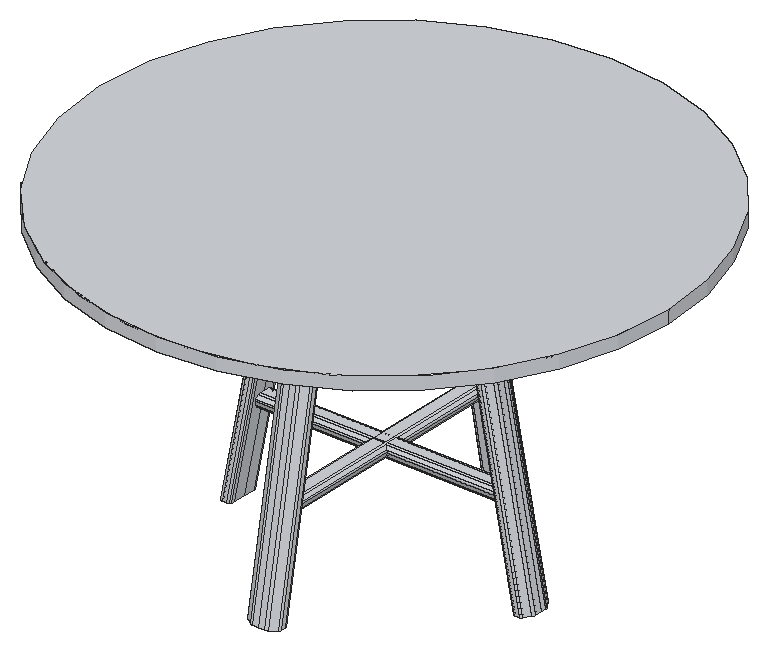
Revit family "Bernhardt_Design-Tables-Freestanding-Round-Blueprint", category Furniture, Revit 2016
Family settings
  OmniClass Number = 23.40.20.00
  OmniClass Title = General Furniture and Specialties
  Work Plane-Based = No
  Always vertical = Yes
  Cut with Voids When Loaded = No
  Shared = No
  Room Calculation Point = No
Parameters (values of type "BPS-XDD-AA000")
  Wood = none
  URL = "http://www.bernhardtdesign.com"
  TableTopHeight = TotalHeight - 0' 1 1/4"  # 2' - 4 3/4"
  TotalHeight = 2' - 6"
  TableTop = none
  Support_small = yes
  Support_large = no
  SKU = "BPS-XDD-AA000"
  RoundRadius = 2' - 3"
  PlateRadius = 0' - 11.81206"
  Model = "Blueprint"  # constant formula
  Manufacturer = "Bernhardt Design"  # constant formula
  Legs_small = yes
  Legs_large = no
  Crossbar_bottom = -Crossbar_top  # -1' - 0 1/16"
  Crossbar_top = 1' - 0 1/16"
  Copyright © = "Copyright © Bernhardt Design"  # constant formula
  Catalog = SKU  # "BPS-XDD-AA000"
  BlackPaint = Black Paint
  Authoring Version = "Autodesk Revit 2016"  # constant formula
Types (3): name | Support_small | Support_large | SKU | RoundRadius | PlateRadius | Legs_small | Legs_large | Crossbar_bottom | Crossbar_top | Catalog
  (no name) | yes | no | "BPS-XDD-AA000" | 2' - 3" | 0' - 11.81206" | yes | no | -1' - 0 1/16" | 1' - 0 1/16" | "BPS-XDD-AA000"
  BPS-XDD-AA000 | yes | no | "BPS-XDD-AA000" | 2' - 3" | 0' - 11.81206" | yes | no | -1' - 0 1/16" | 1' - 0 1/16" | "BPS-XDD-AA000"
  BPS-XEE-AA000 | no | yes | "BPS-XEE-AA000" | 2' - 6" | 1' - 7 3/4" | no | yes | -1' - 5" | 1' - 5" | "BPS-XEE-AA000"
Reference planes (in)
  plane 1 "Center Front/Back": y = 0
  plane 2: z = 0
  plane 3 "Center Left/Right": x = 0
  plane 4 "legTop_plane": z = 27.99185
  plane 5 "TableTop_plane": z = 30
  plane 6 "tableBottom_plane": z = 28.75
  plane 7 "supportBottom_plane": z = 25.47244
  plane 8 "crossTop_plane": z = 9.64539
  plane 9 "crossBottom_plane": z = 8.38555
  plane 10 "Crossbar_top_plane": y = 12.06057
  plane 11: y = -12.16143
Forms (in)
  Blend 1, solid, material <- "Wood", visible <- "Legs_small"
    base sketch origin (0, 0, 0) x (1, 0, 0) y (0, 1, 0)
      loop
        line (-14.8392, 0.57397) -> (-14.8392, 0) -> (-14.8392, -0.57397)
        arc (-14.8392, -0.57397) -> (-14.81086, -0.73468) -> (-14.72927, -0.87601) r 0.46988
        line (-14.72927, -0.87601) -> (-14.30257, -1.46331)
        arc (-14.30257, -1.46331) -> (-14.20943, -1.55016) -> (-14.09055, -1.59579) r 0.33368
        line (-14.09055, -1.59579) -> (-13.68282, -1.59579)
        arc (-13.68282, -1.59579) -> (-13.59285, -1.57584) -> (-13.51973, -1.51974) r 0.2129
        line (-13.51973, -1.51974) -> (-13.35989, -1.3599)
        arc (-13.35989, -1.3599) -> (-13.32388, -1.30338) -> (-13.31513, -1.23692) r 0.15483
        line (-13.31513, -1.23692) -> (-13.31513, 0) -> (-13.31513, 1.23692)
        arc (-13.31513, 1.23692) -> (-13.32388, 1.30338) -> (-13.35989, 1.3599) r 0.15483
        line (-13.35989, 1.3599) -> (-13.51973, 1.51974)
        arc (-13.51973, 1.51974) -> (-13.59285, 1.57584) -> (-13.68282, 1.59579) r 0.2129
        line (-13.68282, 1.59579) -> (-14.09055, 1.59579)
        arc (-14.09055, 1.59579) -> (-14.20943, 1.55016) -> (-14.30257, 1.46331) r 0.33368
        line (-14.30257, 1.46331) -> (-14.72927, 0.87601)
        arc (-14.72927, 0.87601) -> (-14.81086, 0.73468) -> (-14.8392, 0.57397) r 0.46988
    top sketch origin (0, 0, 0) x (1, 0, 0) y (0, 1, 0)
      loop
        line (-9.39808, 0.57397) -> (-9.39808, 0) -> (-9.39808, -0.57397)
        arc (-9.39808, -0.57397) -> (-9.36974, -0.73468) -> (-9.28815, -0.87601) r 0.46988
        line (-9.28815, -0.87601) -> (-8.86145, -1.46331)
        arc (-8.86145, -1.46331) -> (-8.76832, -1.55016) -> (-8.64943, -1.59579) r 0.33368
        line (-8.64943, -1.59579) -> (-8.2417, -1.59579)
        arc (-8.2417, -1.59579) -> (-8.15173, -1.57584) -> (-8.07862, -1.51974) r 0.2129
        line (-8.07862, -1.51974) -> (-7.91878, -1.3599)
        arc (-7.91878, -1.3599) -> (-7.88276, -1.30338) -> (-7.87402, -1.23692) r 0.15483
        line (-7.87402, -1.23692) -> (-7.87402, 0) -> (-7.87402, 1.23692)
        arc (-7.87402, 1.23692) -> (-7.88276, 1.30338) -> (-7.91878, 1.3599) r 0.15483
        line (-7.91878, 1.3599) -> (-8.07862, 1.51974)
        arc (-8.07862, 1.51974) -> (-8.15173, 1.57584) -> (-8.2417, 1.59579) r 0.2129
        line (-8.2417, 1.59579) -> (-8.64943, 1.59579)
        arc (-8.64943, 1.59579) -> (-8.76832, 1.55016) -> (-8.86145, 1.46331) r 0.33368
        line (-8.86145, 1.46331) -> (-9.28815, 0.87601)
        arc (-9.28815, 0.87601) -> (-9.36974, 0.73468) -> (-9.39808, 0.57397) r 0.46988
    from 0 to 27.99213
  Extrusion 2, solid, material <- "TableTop"
    sketch origin (0, 0, 0) x (1, 0, 0) y (0, 1, 0)
      loop
        circle (0, 0) r 27
    from 30 <- "TotalHeight" to 28.75 <- "TableTopHeight"
  Blend 3, solid, material <- "Wood", visible <- "Legs_small"
    base sketch origin (0.01587, -0.01587, 0) x (-1, 0, 0) y (0, -1, 0)
      loop
        arc (-14.8392, -0.57397) -> (-14.81086, -0.73468) -> (-14.72927, -0.87601) r 0.46988
        line (-14.72927, -0.87601) -> (-14.30257, -1.46331)
        arc (-14.30257, -1.46331) -> (-14.20943, -1.55016) -> (-14.09055, -1.59579) r 0.33368
        line (-14.09055, -1.59579) -> (-13.68282, -1.59579)
        arc (-13.68282, -1.59579) -> (-13.59285, -1.57584) -> (-13.51973, -1.51974) r 0.2129
        line (-13.51973, -1.51974) -> (-13.35989, -1.3599)
        arc (-13.35989, -1.3599) -> (-13.32388, -1.30338) -> (-13.31513, -1.23692) r 0.15483
        line (-13.31513, -1.23692) -> (-13.31513, 0) -> (-13.31513, 1.23692)
        arc (-13.31513, 1.23692) -> (-13.32388, 1.30338) -> (-13.35989, 1.3599) r 0.15483
        line (-13.35989, 1.3599) -> (-13.51973, 1.51974)
        arc (-13.51973, 1.51974) -> (-13.59285, 1.57584) -> (-13.68282, 1.59579) r 0.2129
        line (-13.68282, 1.59579) -> (-14.09055, 1.59579)
        arc (-14.09055, 1.59579) -> (-14.20943, 1.55016) -> (-14.30257, 1.46331) r 0.33368
        line (-14.30257, 1.46331) -> (-14.72927, 0.87601)
        arc (-14.72927, 0.87601) -> (-14.81086, 0.73468) -> (-14.8392, 0.57397) r 0.46988
        line (-14.8392, 0.57397) -> (-14.8392, 0) -> (-14.8392, -0.57397)
    top sketch origin (0.01587, -0.01587, 0) x (-1, 0, 0) y (0, -1, 0)
      loop
        arc (-9.39808, -0.57397) -> (-9.36974, -0.73468) -> (-9.28815, -0.87601) r 0.46988
        line (-9.28815, -0.87601) -> (-8.86145, -1.46331)
        arc (-8.86145, -1.46331) -> (-8.76832, -1.55016) -> (-8.64943, -1.59579) r 0.33368
        line (-8.64943, -1.59579) -> (-8.2417, -1.59579)
        arc (-8.2417, -1.59579) -> (-8.15173, -1.57584) -> (-8.07862, -1.51974) r 0.2129
        line (-8.07862, -1.51974) -> (-7.91878, -1.3599)
        arc (-7.91878, -1.3599) -> (-7.88276, -1.30338) -> (-7.87402, -1.23692) r 0.15483
        line (-7.87402, -1.23692) -> (-7.87402, 0) -> (-7.87402, 1.23692)
        arc (-7.87402, 1.23692) -> (-7.88276, 1.30338) -> (-7.91878, 1.3599) r 0.15483
        line (-7.91878, 1.3599) -> (-8.07862, 1.51974)
        arc (-8.07862, 1.51974) -> (-8.15173, 1.57584) -> (-8.2417, 1.59579) r 0.2129
        line (-8.2417, 1.59579) -> (-8.64943, 1.59579)
        arc (-8.64943, 1.59579) -> (-8.76832, 1.55016) -> (-8.86145, 1.46331) r 0.33368
        line (-8.86145, 1.46331) -> (-9.28815, 0.87601)
        arc (-9.28815, 0.87601) -> (-9.36974, 0.73468) -> (-9.39808, 0.57397) r 0.46988
        line (-9.39808, 0.57397) -> (-9.39808, 0) -> (-9.39808, -0.57397)
    from 0 to 27.99213
  Blend 4, solid, material <- "Wood", visible <- "Legs_small"
    base sketch origin (-0.00001, -0.01586, 0) x (0.001505, 0.999999, 0) y (-0.999999, 0.001505, 0)
      loop
        line (-14.8392, 0.57397) -> (-14.8392, 0) -> (-14.8392, -0.57397)
        arc (-14.8392, -0.57397) -> (-14.81086, -0.73468) -> (-14.72927, -0.87601) r 0.46988
        line (-14.72927, -0.87601) -> (-14.30257, -1.46331)
        arc (-14.30257, -1.46331) -> (-14.20943, -1.55016) -> (-14.09055, -1.59579) r 0.33368
        line (-14.09055, -1.59579) -> (-13.68282, -1.59579)
        arc (-13.68282, -1.59579) -> (-13.59285, -1.57584) -> (-13.51973, -1.51974) r 0.2129
        line (-13.51973, -1.51974) -> (-13.35989, -1.3599)
        arc (-13.35989, -1.3599) -> (-13.32388, -1.30338) -> (-13.31513, -1.23692) r 0.15483
        line (-13.31513, -1.23692) -> (-13.31513, 0) -> (-13.31513, 1.23692)
        arc (-13.31513, 1.23692) -> (-13.32388, 1.30338) -> (-13.35989, 1.3599) r 0.15483
        line (-13.35989, 1.3599) -> (-13.51973, 1.51974)
        arc (-13.51973, 1.51974) -> (-13.59285, 1.57584) -> (-13.68282, 1.59579) r 0.2129
        line (-13.68282, 1.59579) -> (-14.09055, 1.59579)
        arc (-14.09055, 1.59579) -> (-14.20943, 1.55016) -> (-14.30257, 1.46331) r 0.33368
        line (-14.30257, 1.46331) -> (-14.72927, 0.87601)
        arc (-14.72927, 0.87601) -> (-14.81086, 0.73468) -> (-14.8392, 0.57397) r 0.46988
    top sketch origin (-0.00001, -0.01586, 0) x (0.001505, 0.999999, 0) y (-0.999999, 0.001505, 0)
      loop
        line (-9.39808, 0.57397) -> (-9.39808, 0) -> (-9.39808, -0.57397)
        arc (-9.39808, -0.57397) -> (-9.36974, -0.73468) -> (-9.28815, -0.87601) r 0.46988
        line (-9.28815, -0.87601) -> (-8.86145, -1.46331)
        arc (-8.86145, -1.46331) -> (-8.76832, -1.55016) -> (-8.64943, -1.59579) r 0.33368
        line (-8.64943, -1.59579) -> (-8.2417, -1.59579)
        arc (-8.2417, -1.59579) -> (-8.15173, -1.57584) -> (-8.07862, -1.51974) r 0.2129
        line (-8.07862, -1.51974) -> (-7.91878, -1.3599)
        arc (-7.91878, -1.3599) -> (-7.88276, -1.30338) -> (-7.87402, -1.23692) r 0.15483
        line (-7.87402, -1.23692) -> (-7.87402, 0) -> (-7.87402, 1.23692)
        arc (-7.87402, 1.23692) -> (-7.88276, 1.30338) -> (-7.91878, 1.3599) r 0.15483
        line (-7.91878, 1.3599) -> (-8.07862, 1.51974)
        arc (-8.07862, 1.51974) -> (-8.15173, 1.57584) -> (-8.2417, 1.59579) r 0.2129
        line (-8.2417, 1.59579) -> (-8.64943, 1.59579)
        arc (-8.64943, 1.59579) -> (-8.76832, 1.55016) -> (-8.86145, 1.46331) r 0.33368
        line (-8.86145, 1.46331) -> (-9.28815, 0.87601)
        arc (-9.28815, 0.87601) -> (-9.36974, 0.73468) -> (-9.39808, 0.57397) r 0.46988
    from 0 to 27.99213
  Blend 5, solid, material <- "Wood", visible <- "Legs_small"
    base sketch origin (0.01588, -0.03701, 0) x (-0.001505, -0.999999, 0) y (0.999999, -0.001505, 0)
      loop
        arc (-14.8392, -0.57397) -> (-14.81086, -0.73468) -> (-14.72927, -0.87601) r 0.46988
        line (-14.72927, -0.87601) -> (-14.30257, -1.46331)
        arc (-14.30257, -1.46331) -> (-14.20943, -1.55016) -> (-14.09055, -1.59579) r 0.33368
        line (-14.09055, -1.59579) -> (-13.68282, -1.59579)
        arc (-13.68282, -1.59579) -> (-13.59285, -1.57584) -> (-13.51973, -1.51974) r 0.2129
        line (-13.51973, -1.51974) -> (-13.35989, -1.3599)
        arc (-13.35989, -1.3599) -> (-13.32388, -1.30338) -> (-13.31513, -1.23692) r 0.15483
        line (-13.31513, -1.23692) -> (-13.31513, 0) -> (-13.31513, 1.23692)
        arc (-13.31513, 1.23692) -> (-13.32388, 1.30338) -> (-13.35989, 1.3599) r 0.15483
        line (-13.35989, 1.3599) -> (-13.51973, 1.51974)
        arc (-13.51973, 1.51974) -> (-13.59285, 1.57584) -> (-13.68282, 1.59579) r 0.2129
        line (-13.68282, 1.59579) -> (-14.09055, 1.59579)
        arc (-14.09055, 1.59579) -> (-14.20943, 1.55016) -> (-14.30257, 1.46331) r 0.33368
        line (-14.30257, 1.46331) -> (-14.72927, 0.87601)
        arc (-14.72927, 0.87601) -> (-14.81086, 0.73468) -> (-14.8392, 0.57397) r 0.46988
        line (-14.8392, 0.57397) -> (-14.8392, 0) -> (-14.8392, -0.57397)
    top sketch origin (0.01588, -0.03701, 0) x (-0.001505, -0.999999, 0) y (0.999999, -0.001505, 0)
      loop
        arc (-9.39808, -0.57397) -> (-9.36974, -0.73468) -> (-9.28815, -0.87601) r 0.46988
        line (-9.28815, -0.87601) -> (-8.86145, -1.46331)
        arc (-8.86145, -1.46331) -> (-8.76832, -1.55016) -> (-8.64943, -1.59579) r 0.33368
        line (-8.64943, -1.59579) -> (-8.2417, -1.59579)
        arc (-8.2417, -1.59579) -> (-8.15173, -1.57584) -> (-8.07862, -1.51974) r 0.2129
        line (-8.07862, -1.51974) -> (-7.91878, -1.3599)
        arc (-7.91878, -1.3599) -> (-7.88276, -1.30338) -> (-7.87402, -1.23692) r 0.15483
        line (-7.87402, -1.23692) -> (-7.87402, 0) -> (-7.87402, 1.23692)
        arc (-7.87402, 1.23692) -> (-7.88276, 1.30338) -> (-7.91878, 1.3599) r 0.15483
        line (-7.91878, 1.3599) -> (-8.07862, 1.51974)
        arc (-8.07862, 1.51974) -> (-8.15173, 1.57584) -> (-8.2417, 1.59579) r 0.2129
        line (-8.2417, 1.59579) -> (-8.64943, 1.59579)
        arc (-8.64943, 1.59579) -> (-8.76832, 1.55016) -> (-8.86145, 1.46331) r 0.33368
        line (-8.86145, 1.46331) -> (-9.28815, 0.87601)
        arc (-9.28815, 0.87601) -> (-9.36974, 0.73468) -> (-9.39808, 0.57397) r 0.46988
        line (-9.39808, 0.57397) -> (-9.39808, 0) -> (-9.39808, -0.57397)
    from 0 to 27.99213
  Extrusion 6, solid
    sketch origin (0, 0, 0) x (1, 0, 0) y (0, 0, 1)
      loop
        line (0.54195, 9.64567) -> (-0.54195, 9.64567)
        arc (-0.54195, 9.64567) -> (-0.63281, 9.62718) -> (-0.70923, 9.57466) r 0.23254
        line (-0.70923, 9.57466) -> (-0.95327, 9.29392)
        arc (-0.95327, 9.29392) -> (-0.99731, 9.20363) -> (-0.9903, 9.10342) r 0.19407
        line (-0.9903, 9.10342) -> (-0.68418, 8.51535)
        arc (-0.68418, 8.51535) -> (-0.58683, 8.41543) -> (-0.45051, 8.38583) r 0.24202
        line (-0.45051, 8.38583) -> (0.45051, 8.38583)
        arc (0.45051, 8.38583) -> (0.58683, 8.41543) -> (0.68418, 8.51535) r 0.24202
        line (0.68418, 8.51535) -> (0.9903, 9.10342)
        arc (0.9903, 9.10342) -> (0.99731, 9.20363) -> (0.95327, 9.29392) r 0.19407
        line (0.95327, 9.29392) -> (0.70923, 9.57466)
        arc (0.70923, 9.57466) -> (0.63281, 9.62718) -> (0.54195, 9.64567) r 0.23254
    from -12.0625 <- "Crossbar_bottom" to 12.0625 <- "Crossbar_top"
  Extrusion 7, solid
    sketch origin (0, 0, 0) x (0, -1, 0) y (0, 0, 1)
      loop
        line (0.54195, 9.64567) -> (-0.54195, 9.64567)
        arc (-0.54195, 9.64567) -> (-0.63281, 9.62718) -> (-0.70923, 9.57466) r 0.23254
        line (-0.70923, 9.57466) -> (-0.95327, 9.29392)
        arc (-0.95327, 9.29392) -> (-0.99731, 9.20363) -> (-0.9903, 9.10342) r 0.19407
        line (-0.9903, 9.10342) -> (-0.68418, 8.51535)
        arc (-0.68418, 8.51535) -> (-0.58683, 8.41543) -> (-0.45051, 8.38583) r 0.24202
        line (-0.45051, 8.38583) -> (0.45051, 8.38583)
        arc (0.45051, 8.38583) -> (0.58683, 8.41543) -> (0.68418, 8.51535) r 0.24202
        line (0.68418, 8.51535) -> (0.9903, 9.10342)
        arc (0.9903, 9.10342) -> (0.99731, 9.20363) -> (0.95327, 9.29392) r 0.19407
        line (0.95327, 9.29392) -> (0.70923, 9.57466)
        arc (0.70923, 9.57466) -> (0.63281, 9.62718) -> (0.54195, 9.64567) r 0.23254
    from -12.0625 <- "Crossbar_bottom" to 12.0625 <- "Crossbar_top"
  Extrusion 8, solid, material "Black Paint" <- "BlackPaint"
    sketch origin (0, 0, 27.99185) x (0, -1, 0) y (1, 0, 0)
      loop
        circle (0, 0) r 11.81206
    from 0 to 0.75815
  Extrusion 9, solid, material <- "Wood", visible <- "Support_small"
    sketch origin (0, 0, 25.47244) x (0, -1, 0) y (1, 0, 0)
      loop
        line (0.05281, 9.37706) -> (-9.36116, -0.03692) -> (0, -9.39808) -> (9.41397, 0.01589) -> (0.05281, 9.37706)
    from 0 to 2.51969
  Extrusion 10, solid, material <- "Wood", visible <- "Support_large"
    sketch origin (0.058, -0.058, 25.47244) x (0, -1, 0) y (1, 0, 0)
      loop
        line (-0.07728, 13.94238) -> (-14.02016, -0.0005) -> (-0.00519, -14.01547) -> (13.93769, -0.07259) -> (-0.07728, 13.94238)
    from 0 to 2.51969
  Blend 11, solid, material <- "Wood", visible <- "Legs_large"
    base sketch origin (0, 0, 0) x (1, 0, 0) y (0, 1, 0)
      loop
        line (-18.50897, -1.49665) -> (-18.50897, 1.46921)
        arc (-18.50897, 1.46921) -> (-18.52216, 1.54404) -> (-18.56016, 1.60985) r 0.21879
        line (-18.56016, 1.60985) -> (-18.71276, 1.76245)
        arc (-18.71276, 1.76245) -> (-18.79168, 1.81771) -> (-18.88474, 1.84264) r 0.27741
        line (-18.88474, 1.84264) -> (-19.27141, 1.84264)
        arc (-19.27141, 1.84264) -> (-19.37527, 1.81962) -> (-19.45966, 1.75486) r 0.24575
        line (-19.45966, 1.75486) -> (-19.92983, 1.13093)
        arc (-19.92983, 1.13093) -> (-20.01211, 0.97286) -> (-20.03845, 0.79662) r 0.53986
        line (-20.03845, 0.79662) -> (-20.03845, -0.82405)
        arc (-20.03845, -0.82405) -> (-20.01211, -1.0003) -> (-19.92983, -1.15837) r 0.53986
        line (-19.92983, -1.15837) -> (-19.45966, -1.7823)
        arc (-19.45966, -1.7823) -> (-19.37527, -1.84706) -> (-19.27141, -1.87008) r 0.24575
        line (-19.27141, -1.87008) -> (-18.88474, -1.87008)
        arc (-18.88474, -1.87008) -> (-18.79168, -1.84515) -> (-18.71276, -1.78988) r 0.27741
        line (-18.71276, -1.78988) -> (-18.56016, -1.63728)
        arc (-18.56016, -1.63728) -> (-18.52216, -1.57148) -> (-18.50897, -1.49665) r 0.21879
    top sketch origin (0, 0, 0) x (1, 0, 0) y (0, 1, 0)
      loop
        line (-12.55906, -1.49665) -> (-12.55906, 1.46921)
        arc (-12.55906, 1.46921) -> (-12.57225, 1.54404) -> (-12.61024, 1.60985) r 0.21879
        line (-12.61024, 1.60985) -> (-12.76284, 1.76245)
        arc (-12.76284, 1.76245) -> (-12.84177, 1.81771) -> (-12.93483, 1.84264) r 0.27741
        line (-12.93483, 1.84264) -> (-13.3215, 1.84264)
        arc (-13.3215, 1.84264) -> (-13.42535, 1.81962) -> (-13.50975, 1.75486) r 0.24575
        line (-13.50975, 1.75486) -> (-13.97991, 1.13093)
        arc (-13.97991, 1.13093) -> (-14.0622, 0.97286) -> (-14.08854, 0.79662) r 0.53986
        line (-14.08854, 0.79662) -> (-14.08854, -0.82405)
        arc (-14.08854, -0.82405) -> (-14.0622, -1.0003) -> (-13.97991, -1.15837) r 0.53986
        line (-13.97991, -1.15837) -> (-13.50975, -1.7823)
        arc (-13.50975, -1.7823) -> (-13.42535, -1.84706) -> (-13.3215, -1.87008) r 0.24575
        line (-13.3215, -1.87008) -> (-12.93483, -1.87008)
        arc (-12.93483, -1.87008) -> (-12.84177, -1.84515) -> (-12.76284, -1.78988) r 0.27741
        line (-12.76284, -1.78988) -> (-12.61024, -1.63728)
        arc (-12.61024, -1.63728) -> (-12.57225, -1.57148) -> (-12.55906, -1.49665) r 0.21879
    from 0 to 27.99219
  Blend 12, solid, material <- "Wood", visible <- "Legs_large"
    base sketch origin (0, 0, 0) x (-1, 0, 0) y (0, -1, 0)
      loop
        arc (-18.50897, 1.49665) -> (-18.52216, 1.57148) -> (-18.56016, 1.63728) r 0.21879
        line (-18.56016, 1.63728) -> (-18.71276, 1.78988)
        arc (-18.71276, 1.78988) -> (-18.79168, 1.84515) -> (-18.88474, 1.87008) r 0.27741
        line (-18.88474, 1.87008) -> (-19.27141, 1.87008)
        arc (-19.27141, 1.87008) -> (-19.37527, 1.84706) -> (-19.45966, 1.7823) r 0.24575
        line (-19.45966, 1.7823) -> (-19.92983, 1.15837)
        arc (-19.92983, 1.15837) -> (-20.01211, 1.0003) -> (-20.03845, 0.82405) r 0.53986
        line (-20.03845, 0.82405) -> (-20.03845, -0.79662)
        arc (-20.03845, -0.79662) -> (-20.01211, -0.97286) -> (-19.92983, -1.13093) r 0.53986
        line (-19.92983, -1.13093) -> (-19.45966, -1.75486)
        arc (-19.45966, -1.75486) -> (-19.37527, -1.81962) -> (-19.27141, -1.84264) r 0.24575
        line (-19.27141, -1.84264) -> (-18.88474, -1.84264)
        arc (-18.88474, -1.84264) -> (-18.79168, -1.81771) -> (-18.71276, -1.76245) r 0.27741
        line (-18.71276, -1.76245) -> (-18.56016, -1.60985)
        arc (-18.56016, -1.60985) -> (-18.52216, -1.54404) -> (-18.50897, -1.46921) r 0.21879
        line (-18.50897, -1.46921) -> (-18.50897, 1.49665)
    top sketch origin (0, 0, 0) x (-1, 0, 0) y (0, -1, 0)
      loop
        arc (-12.55906, 1.49665) -> (-12.57225, 1.57148) -> (-12.61024, 1.63728) r 0.21879
        line (-12.61024, 1.63728) -> (-12.76284, 1.78988)
        arc (-12.76284, 1.78988) -> (-12.84177, 1.84515) -> (-12.93483, 1.87008) r 0.27741
        line (-12.93483, 1.87008) -> (-13.3215, 1.87008)
        arc (-13.3215, 1.87008) -> (-13.42535, 1.84706) -> (-13.50975, 1.7823) r 0.24575
        line (-13.50975, 1.7823) -> (-13.97991, 1.15837)
        arc (-13.97991, 1.15837) -> (-14.0622, 1.0003) -> (-14.08854, 0.82405) r 0.53986
        line (-14.08854, 0.82405) -> (-14.08854, -0.79662)
        arc (-14.08854, -0.79662) -> (-14.0622, -0.97286) -> (-13.97991, -1.13093) r 0.53986
        line (-13.97991, -1.13093) -> (-13.50975, -1.75486)
        arc (-13.50975, -1.75486) -> (-13.42535, -1.81962) -> (-13.3215, -1.84264) r 0.24575
        line (-13.3215, -1.84264) -> (-12.93483, -1.84264)
        arc (-12.93483, -1.84264) -> (-12.84177, -1.81771) -> (-12.76284, -1.76245) r 0.27741
        line (-12.76284, -1.76245) -> (-12.61024, -1.60985)
        arc (-12.61024, -1.60985) -> (-12.57225, -1.54404) -> (-12.55906, -1.46921) r 0.21879
        line (-12.55906, -1.46921) -> (-12.55906, 1.49665)
    from 0 to 27.99219
  Blend 13, solid, material <- "Wood", visible <- "Legs_large"
    base sketch origin (-0.01372, -0.0137, 0) x (0.001235, 0.999999, 0) y (-0.999999, 0.001235, 0)
      loop
        line (-18.50897, -1.49665) -> (-18.50897, 1.46921)
        arc (-18.50897, 1.46921) -> (-18.52216, 1.54404) -> (-18.56016, 1.60985) r 0.21879
        line (-18.56016, 1.60985) -> (-18.71276, 1.76245)
        arc (-18.71276, 1.76245) -> (-18.79168, 1.81771) -> (-18.88474, 1.84264) r 0.27741
        line (-18.88474, 1.84264) -> (-19.27141, 1.84264)
        arc (-19.27141, 1.84264) -> (-19.37527, 1.81962) -> (-19.45966, 1.75486) r 0.24575
        line (-19.45966, 1.75486) -> (-19.92983, 1.13093)
        arc (-19.92983, 1.13093) -> (-20.01211, 0.97286) -> (-20.03845, 0.79662) r 0.53986
        line (-20.03845, 0.79662) -> (-20.03845, -0.82405)
        arc (-20.03845, -0.82405) -> (-20.01211, -1.0003) -> (-19.92983, -1.15837) r 0.53986
        line (-19.92983, -1.15837) -> (-19.45966, -1.7823)
        arc (-19.45966, -1.7823) -> (-19.37527, -1.84706) -> (-19.27141, -1.87008) r 0.24575
        line (-19.27141, -1.87008) -> (-18.88474, -1.87008)
        arc (-18.88474, -1.87008) -> (-18.79168, -1.84515) -> (-18.71276, -1.78988) r 0.27741
        line (-18.71276, -1.78988) -> (-18.56016, -1.63728)
        arc (-18.56016, -1.63728) -> (-18.52216, -1.57148) -> (-18.50897, -1.49665) r 0.21879
    top sketch origin (-0.01372, -0.0137, 0) x (0.001235, 0.999999, 0) y (-0.999999, 0.001235, 0)
      loop
        line (-12.55906, -1.49665) -> (-12.55906, 1.46921)
        arc (-12.55906, 1.46921) -> (-12.57225, 1.54404) -> (-12.61024, 1.60985) r 0.21879
        line (-12.61024, 1.60985) -> (-12.76284, 1.76245)
        arc (-12.76284, 1.76245) -> (-12.84177, 1.81771) -> (-12.93483, 1.84264) r 0.27741
        line (-12.93483, 1.84264) -> (-13.3215, 1.84264)
        arc (-13.3215, 1.84264) -> (-13.42535, 1.81962) -> (-13.50975, 1.75486) r 0.24575
        line (-13.50975, 1.75486) -> (-13.97991, 1.13093)
        arc (-13.97991, 1.13093) -> (-14.0622, 0.97286) -> (-14.08854, 0.79662) r 0.53986
        line (-14.08854, 0.79662) -> (-14.08854, -0.82405)
        arc (-14.08854, -0.82405) -> (-14.0622, -1.0003) -> (-13.97991, -1.15837) r 0.53986
        line (-13.97991, -1.15837) -> (-13.50975, -1.7823)
        arc (-13.50975, -1.7823) -> (-13.42535, -1.84706) -> (-13.3215, -1.87008) r 0.24575
        line (-13.3215, -1.87008) -> (-12.93483, -1.87008)
        arc (-12.93483, -1.87008) -> (-12.84177, -1.84515) -> (-12.76284, -1.78988) r 0.27741
        line (-12.76284, -1.78988) -> (-12.61024, -1.63728)
        arc (-12.61024, -1.63728) -> (-12.57225, -1.57148) -> (-12.55906, -1.49665) r 0.21879
    from 0 to 27.99219
  Blend 14, solid, material <- "Wood", visible <- "Legs_large"
    base sketch origin (-0.01372, -0.0137, 0) x (-0.001235, -0.999999, 0) y (0.999999, -0.001235, 0)
      loop
        arc (-18.50897, 1.49665) -> (-18.52216, 1.57148) -> (-18.56016, 1.63728) r 0.21879
        line (-18.56016, 1.63728) -> (-18.71276, 1.78988)
        arc (-18.71276, 1.78988) -> (-18.79168, 1.84515) -> (-18.88474, 1.87008) r 0.27741
        line (-18.88474, 1.87008) -> (-19.27141, 1.87008)
        arc (-19.27141, 1.87008) -> (-19.37527, 1.84706) -> (-19.45966, 1.7823) r 0.24575
        line (-19.45966, 1.7823) -> (-19.92983, 1.15837)
        arc (-19.92983, 1.15837) -> (-20.01211, 1.0003) -> (-20.03845, 0.82405) r 0.53986
        line (-20.03845, 0.82405) -> (-20.03845, -0.79662)
        arc (-20.03845, -0.79662) -> (-20.01211, -0.97286) -> (-19.92983, -1.13093) r 0.53986
        line (-19.92983, -1.13093) -> (-19.45966, -1.75486)
        arc (-19.45966, -1.75486) -> (-19.37527, -1.81962) -> (-19.27141, -1.84264) r 0.24575
        line (-19.27141, -1.84264) -> (-18.88474, -1.84264)
        arc (-18.88474, -1.84264) -> (-18.79168, -1.81771) -> (-18.71276, -1.76245) r 0.27741
        line (-18.71276, -1.76245) -> (-18.56016, -1.60985)
        arc (-18.56016, -1.60985) -> (-18.52216, -1.54404) -> (-18.50897, -1.46921) r 0.21879
        line (-18.50897, -1.46921) -> (-18.50897, 1.49665)
    top sketch origin (-0.01372, -0.0137, 0) x (-0.001235, -0.999999, 0) y (0.999999, -0.001235, 0)
      loop
        arc (-12.55906, 1.49665) -> (-12.57225, 1.57148) -> (-12.61024, 1.63728) r 0.21879
        line (-12.61024, 1.63728) -> (-12.76284, 1.78988)
        arc (-12.76284, 1.78988) -> (-12.84177, 1.84515) -> (-12.93483, 1.87008) r 0.27741
        line (-12.93483, 1.87008) -> (-13.3215, 1.87008)
        arc (-13.3215, 1.87008) -> (-13.42535, 1.84706) -> (-13.50975, 1.7823) r 0.24575
        line (-13.50975, 1.7823) -> (-13.97991, 1.15837)
        arc (-13.97991, 1.15837) -> (-14.0622, 1.0003) -> (-14.08854, 0.82405) r 0.53986
        line (-14.08854, 0.82405) -> (-14.08854, -0.79662)
        arc (-14.08854, -0.79662) -> (-14.0622, -0.97286) -> (-13.97991, -1.13093) r 0.53986
        line (-13.97991, -1.13093) -> (-13.50975, -1.75486)
        arc (-13.50975, -1.75486) -> (-13.42535, -1.81962) -> (-13.3215, -1.84264) r 0.24575
        line (-13.3215, -1.84264) -> (-12.93483, -1.84264)
        arc (-12.93483, -1.84264) -> (-12.84177, -1.81771) -> (-12.76284, -1.76245) r 0.27741
        line (-12.76284, -1.76245) -> (-12.61024, -1.60985)
        arc (-12.61024, -1.60985) -> (-12.57225, -1.54404) -> (-12.55906, -1.46921) r 0.21879
        line (-12.55906, -1.46921) -> (-12.55906, 1.49665)
    from 0 to 27.99219
Dimensions and locks (in)
  "TotalHeight": plane 5 "TableTop_plane" to level
  "RoundRadius": radius of Extrusion 2 sketch curve
  "PlateRadius": radius of Extrusion 8 sketch curve
  aligned and locked: level to plane 2
Automatic sketch dimensions
  plane 1 "Center Front/Back" to Blend 1 sketch curve = 0' - 0"  (x4)
  Blend 1 sketch curve to plane 1 "Center Front/Back" = 0' - 0.57397"  (x2)
  Blend 1 sketch curve to plane 3 "Center Left/Right" = 1' - 2.8392"
  Blend 1 sketch curve to plane 1 "Center Front/Back" = 0' - 0.87601"  (x2)
  Blend 1 sketch curve to Blend 1 sketch curve = 0' - 0.10993"  (x4)
  plane 1 "Center Front/Back" to Blend 1 sketch curve = 0' - 0.87601"  (x2)
  Blend 1 sketch curve to Blend 1 sketch curve = 0' - 0.35995"  (x2)
  Blend 1 sketch curve to plane 1 "Center Front/Back" = 0' - 1.46331"  (x2)
  Blend 1 sketch curve to Blend 1 sketch curve = 0' - 0.4267"  (x4)
  plane 1 "Center Front/Back" to Blend 1 sketch curve = 0' - 1.46331"  (x2)
  Blend 1 sketch curve to Blend 1 sketch curve = 0' - 0.21201"  (x4)
  Blend 1 sketch curve to Blend 1 sketch curve = 0' - 0.05794"  (x4)
  Blend 1 sketch curve to Blend 1 sketch curve = 0' - 0.34979"  (x4)
  plane 1 "Center Front/Back" to Blend 1 sketch curve = 0' - 1.51974"  (x2)
  Blend 1 sketch curve to Blend 1 sketch curve = 0' - 0.16309"  (x4)
  Blend 1 sketch curve to plane 1 "Center Front/Back" = 0' - 1.51974"  (x2)
  Blend 1 sketch curve to Blend 1 sketch curve = 0' - 0.21344"  (x4)
  plane 1 "Center Front/Back" to Blend 1 sketch curve = 0' - 1.3599"  (x2)
  Blend 1 sketch curve to Blend 1 sketch curve = 0' - 0.10948"  (x6)
  Blend 1 sketch curve to plane 1 "Center Front/Back" = 0' - 1.3599"  (x2)
  Blend 1 sketch curve to Blend 1 sketch curve = 0' - 0.04476"  (x2)
  Blend 1 sketch curve to Blend 1 sketch curve = 0' - 0.13248"  (x2)
  Blend 1 sketch curve to Blend 1 sketch curve = 0' - 0.12298"  (x2)
  Blend 1 sketch curve to Blend 1 sketch curve = 0' - 0.19613"  (x2)
  Blend 1 sketch curve to plane 3 "Center Left/Right" = 0' - 9.39808"
  plane 1 "Center Front/Back" to Blend 3 sketch curve = 0' - 0.5581"  (x2)
  Blend 3 sketch curve to plane 3 "Center Left/Right" = 1' - 2.85507"
  plane 1 "Center Front/Back" to Blend 3 sketch curve = 0' - 0.86014"  (x2)
  Blend 3 sketch curve to Blend 3 sketch curve = 0' - 0.10993"  (x4)
  Blend 3 sketch curve to plane 1 "Center Front/Back" = 0' - 0.89188"  (x2)
  Blend 3 sketch curve to Blend 3 sketch curve = 0' - 0.35995"  (x2)
  plane 1 "Center Front/Back" to Blend 3 sketch curve = 0' - 1.44744"  (x2)
  Blend 3 sketch curve to Blend 3 sketch curve = 0' - 0.4267"  (x4)
  Blend 3 sketch curve to plane 1 "Center Front/Back" = 0' - 1.47918"  (x2)
  Blend 3 sketch curve to Blend 3 sketch curve = 0' - 0.21201"  (x4)
  Blend 3 sketch curve to Blend 3 sketch curve = 0' - 0.26996"
  Blend 3 sketch curve to Blend 3 sketch curve = 0' - 0.05794"  (x3)
  Blend 3 sketch curve to Blend 3 sketch curve = 0' - 0.34979"  (x4)
  Blend 3 sketch curve to plane 1 "Center Front/Back" = 0' - 1.53561"  (x2)
  Blend 3 sketch curve to Blend 3 sketch curve = 0' - 0.16309"  (x4)
  plane 1 "Center Front/Back" to Blend 3 sketch curve = 0' - 1.50387"  (x2)
  Blend 3 sketch curve to Blend 3 sketch curve = 0' - 0.21344"  (x4)
  Blend 3 sketch curve to plane 1 "Center Front/Back" = 0' - 1.37577"  (x2)
  Blend 3 sketch curve to Blend 3 sketch curve = 0' - 0.10948"  (x6)
  plane 1 "Center Front/Back" to Blend 3 sketch curve = 0' - 1.34403"  (x2)
  Blend 3 sketch curve to Blend 3 sketch curve = 0' - 0.04476"  (x2)
  Blend 3 sketch curve to Blend 3 sketch curve = 0' - 0.13248"  (x2)
  Blend 3 sketch curve to plane 1 "Center Front/Back" = 0' - 0.01587"  (x4)
  Blend 3 sketch curve to Blend 3 sketch curve = 0' - 0.12298"  (x2)
  Blend 3 sketch curve to Blend 3 sketch curve = 0' - 0.19613"  (x2)
  Blend 3 sketch curve to plane 3 "Center Left/Right" = 0' - 9.41395"
  Blend 4 sketch curve to plane 3 "Center Left/Right" = 0' - 0.59632"
  plane 11 to Blend 4 sketch curve = 0' - 2.69275"
  Blend 4 sketch curve to Blend 4 sketch curve = 0' - 0.10993"  (x4)
  Blend 4 sketch curve to Blend 4 sketch curve = 0' - 0.35995"  (x2)
  Blend 4 sketch curve to Blend 4 sketch curve = 0' - 0.46988"  (x2)
  Blend 4 sketch curve to Blend 4 sketch curve = 0' - 0.4267"  (x4)
  Blend 4 sketch curve to Blend 4 sketch curve = 0' - 0.21201"  (x4)
  Blend 4 sketch curve to Blend 4 sketch curve = 0' - 0.05794"  (x3)
  Blend 4 sketch curve to Blend 4 sketch curve = 0' - 0.34979"  (x4)
  Blend 4 sketch curve to Blend 4 sketch curve = 0' - 0.16309"  (x4)
  Blend 4 sketch curve to Blend 4 sketch curve = 0' - 0.21344"  (x4)
  Blend 4 sketch curve to Blend 4 sketch curve = 0' - 0.10948"  (x4)
  Blend 4 sketch curve to Blend 4 sketch curve = 0' - 0.04476"  (x2)
  Blend 4 sketch curve to Blend 4 sketch curve = 0' - 0.57397"  (x6)
  Blend 4 sketch curve to Blend 4 sketch curve = 0' - 1.23692"  (x4)
  Blend 4 sketch curve to Blend 4 sketch curve = 0' - 0.01349"  (x4)
  Blend 4 sketch curve to Blend 4 sketch curve = 0' - 0.01676"  (x4)
  Blend 4 sketch curve to Blend 4 sketch curve = 0' - 0.13248"  (x4)
  Blend 4 sketch curve to Blend 4 sketch curve = 0' - 0.19613"  (x4)
  Blend 4 sketch curve to plane 3 "Center Left/Right" = 0' - 0.58813"
  Blend 4 sketch curve to plane 11 = 0' - 2.74836"
  Blend 4 sketch curve to Blend 4 sketch curve = 0' - 0.26996"
  plane 3 "Center Left/Right" to Blend 5 sketch curve = 0' - 0.53575"
  Blend 5 sketch curve to plane 10 "Crossbar_top_plane" = 0' - 2.74247"
  Blend 5 sketch curve to Blend 5 sketch curve = 0' - 0.10993"  (x4)
  Blend 5 sketch curve to Blend 5 sketch curve = 0' - 0.35995"  (x3)
  Blend 5 sketch curve to Blend 5 sketch curve = 0' - 0.4267"  (x4)
  Blend 5 sketch curve to Blend 5 sketch curve = 0' - 0.21201"  (x4)
  Blend 5 sketch curve to Blend 5 sketch curve = 0' - 0.26996"
  Blend 5 sketch curve to Blend 5 sketch curve = 0' - 0.05794"  (x3)
  Blend 5 sketch curve to Blend 5 sketch curve = 0' - 0.34979"  (x4)
  Blend 5 sketch curve to Blend 5 sketch curve = 0' - 0.16309"  (x4)
  Blend 5 sketch curve to Blend 5 sketch curve = 0' - 0.21344"  (x4)
  Blend 5 sketch curve to Blend 5 sketch curve = 0' - 0.10948"  (x4)
  Blend 5 sketch curve to Blend 5 sketch curve = 0' - 0.04476"  (x2)
  Blend 5 sketch curve to Blend 5 sketch curve = 0' - 0.57397"  (x6)
  Blend 5 sketch curve to Blend 5 sketch curve = 0' - 1.23692"  (x4)
  Blend 5 sketch curve to Blend 5 sketch curve = 0' - 0.01349"  (x4)
  Blend 5 sketch curve to Blend 5 sketch curve = 0' - 0.01676"  (x4)
  Blend 5 sketch curve to Blend 5 sketch curve = 0' - 0.13248"  (x4)
  Blend 5 sketch curve to Blend 5 sketch curve = 0' - 0.19613"  (x4)
  plane 3 "Center Left/Right" to Blend 5 sketch curve = 0' - 0.54394"
  plane 10 "Crossbar_top_plane" to Blend 5 sketch curve = 0' - 2.69864"
  Blend 5 sketch curve to Blend 5 sketch curve = 0' - 0.46988"
  Extrusion 6 sketch curve to plane 3 "Center Left/Right" = 0' - 0.9903"
  plane 8 "crossTop_plane" to Extrusion 6 sketch curve = 0' - 0.35147"  (x2)
  Extrusion 6 sketch curve to Extrusion 6 sketch curve = 0' - 0.03703"
  Extrusion 6 sketch curve to Extrusion 6 sketch curve = 0' - 0.14647"  (x2)
  plane 8 "crossTop_plane" to Extrusion 6 sketch curve = 0' - 0.07073"  (x2)
  Extrusion 6 sketch curve to Extrusion 6 sketch curve = 0' - 0.24405"
  Extrusion 6 sketch curve to plane 9 "crossBottom_plane" = 0' - 0.1298"  (x2)
  Extrusion 6 sketch curve to Extrusion 6 sketch curve = 0' - 0.12263"
  Extrusion 6 sketch curve to plane 8 "crossTop_plane" = 0' - 0.00028"
  Extrusion 6 sketch curve to Extrusion 6 sketch curve = 0' - 0.16727"  (x2)
  Extrusion 6 sketch curve to Extrusion 6 sketch curve = 0' - 0.21468"  (x2)
  Extrusion 6 sketch curve to plane 9 "crossBottom_plane" = 0' - 0.00028"
  Extrusion 6 sketch curve to Extrusion 6 sketch curve = 0' - 0.01899"  (x2)
  plane 3 "Center Left/Right" to Extrusion 6 sketch curve = 0' - 0.45051"
  plane 3 "Center Left/Right" to Extrusion 6 sketch curve = 0' - 0.54195"
  Extrusion 6 sketch curve to Extrusion 6 sketch curve = 0' - 0.26485"
  plane 8 "crossTop_plane" to Extrusion 6 sketch curve = 0' - 0.54198"
  Extrusion 6 sketch curve to Extrusion 6 sketch curve = 0' - 0.1835"
  Extrusion 6 sketch curve to Extrusion 6 sketch curve = 0' - 0.19051"
  Extrusion 7 sketch curve to plane 1 "Center Front/Back" = 0' - 0.9903"
  plane 8 "crossTop_plane" to Extrusion 7 sketch curve = 0' - 0.35147"  (x2)
  Extrusion 7 sketch curve to Extrusion 7 sketch curve = 0' - 0.03703"
  Extrusion 7 sketch curve to Extrusion 7 sketch curve = 0' - 0.14647"  (x2)
  plane 8 "crossTop_plane" to Extrusion 7 sketch curve = 0' - 0.07073"  (x2)
  Extrusion 7 sketch curve to Extrusion 7 sketch curve = 0' - 0.24405"
  Extrusion 7 sketch curve to plane 9 "crossBottom_plane" = 0' - 0.1298"  (x2)
  Extrusion 7 sketch curve to Extrusion 7 sketch curve = 0' - 0.12263"
  Extrusion 7 sketch curve to plane 8 "crossTop_plane" = 0' - 0.00028"
  Extrusion 7 sketch curve to Extrusion 7 sketch curve = 0' - 0.16727"  (x2)
  Extrusion 7 sketch curve to Extrusion 7 sketch curve = 0' - 0.21468"  (x2)
  Extrusion 7 sketch curve to plane 9 "crossBottom_plane" = 0' - 0.00028"
  Extrusion 7 sketch curve to Extrusion 7 sketch curve = 0' - 0.01899"  (x2)
  plane 1 "Center Front/Back" to Extrusion 7 sketch curve = 0' - 0.45051"
  plane 1 "Center Front/Back" to Extrusion 7 sketch curve = 0' - 0.54195"
  Extrusion 7 sketch curve to Extrusion 7 sketch curve = 0' - 0.26485"
  plane 8 "crossTop_plane" to Extrusion 7 sketch curve = 0' - 0.54198"
  Extrusion 7 sketch curve to Extrusion 7 sketch curve = 0' - 0.1835"
  Extrusion 7 sketch curve to Extrusion 7 sketch curve = 0' - 0.19051"
  plane 1 "Center Front/Back" to Extrusion 9 sketch curve = 0' - 0"
  Extrusion 9 sketch curve to plane 3 "Center Left/Right" = 0' - 0.03692"
  Extrusion 9 sketch curve to plane 10 "Crossbar_top_plane" = 0' - 2.6994"
  plane 1 "Center Front/Back" to Extrusion 9 sketch curve = 0' - 0.05281"
  Extrusion 9 sketch curve to plane 3 "Center Left/Right" = 0' - 9.39808"
  plane 3 "Center Left/Right" to Extrusion 10 sketch curve = 0' - 0.0575"
  plane 10 "Crossbar_top_plane" to Extrusion 10 sketch curve = 0' - 1.90159"
  plane 1 "Center Front/Back" to Extrusion 10 sketch curve = 0' - 0.05281"
  Extrusion 10 sketch curve to plane 1 "Center Front/Back" = 0' - 0.01928"
  Extrusion 10 sketch curve to plane 3 "Center Left/Right" = 1' - 1.95747"
  plane 1 "Center Front/Back" to Blend 11 sketch curve = 0' - 0.82405"  (x2)
  Blend 11 sketch curve to plane 3 "Center Left/Right" = 1' - 8.03845"
  Blend 11 sketch curve to plane 1 "Center Front/Back" = 0' - 1.13093"  (x2)
  Blend 11 sketch curve to Blend 11 sketch curve = 0' - 0.10863"  (x4)
  plane 1 "Center Front/Back" to Blend 11 sketch curve = 0' - 1.15837"  (x2)
  Blend 11 sketch curve to Blend 11 sketch curve = 0' - 0.53978"  (x3)
  Blend 11 sketch curve to Blend 11 sketch curve = 0' - 0.43115"
  Blend 11 sketch curve to plane 1 "Center Front/Back" = 0' - 1.75486"  (x2)
  Blend 11 sketch curve to Blend 11 sketch curve = 0' - 0.47016"  (x4)
  plane 1 "Center Front/Back" to Blend 11 sketch curve = 0' - 1.7823"  (x2)
  Blend 11 sketch curve to Blend 11 sketch curve = 0' - 0.18825"  (x4)
  Blend 11 sketch curve to Blend 11 sketch curve = 0' - 0.36249"  (x4)
  Blend 11 sketch curve to Blend 11 sketch curve = 0' - 0.02418"  (x4)
  Blend 11 sketch curve to Blend 11 sketch curve = 0' - 0.18116"  (x4)
  Blend 11 sketch curve to plane 1 "Center Front/Back" = 0' - 1.76245"  (x2)
  Blend 11 sketch curve to Blend 11 sketch curve = 0' - 0.17198"  (x4)
  plane 1 "Center Front/Back" to Blend 11 sketch curve = 0' - 1.78988"  (x2)
  plane 1 "Center Front/Back" to Blend 11 sketch curve = 0' - 1.63728"  (x2)
  Blend 11 sketch curve to Blend 11 sketch curve = 0' - 0.1526"  (x4)
  Blend 11 sketch curve to plane 1 "Center Front/Back" = 0' - 1.60985"  (x2)
  Blend 11 sketch curve to Blend 11 sketch curve = 0' - 0.05119"  (x2)
  Blend 11 sketch curve to Blend 11 sketch curve = 0' - 0.08778"  (x2)
  Blend 11 sketch curve to Blend 11 sketch curve = 0' - 0.33432"  (x2)
  Blend 11 sketch curve to Blend 11 sketch curve = 0' - 0.09708"  (x2)
  Blend 11 sketch curve to plane 3 "Center Left/Right" = 1' - 2.08854"
  Blend 12 sketch curve to plane 1 "Center Front/Back" = 0' - 0.82405"  (x2)
  Blend 12 sketch curve to plane 3 "Center Left/Right" = 1' - 8.03845"
  plane 1 "Center Front/Back" to Blend 12 sketch curve = 0' - 1.13093"  (x2)
  Blend 12 sketch curve to Blend 12 sketch curve = 0' - 0.10863"  (x4)
  Blend 12 sketch curve to plane 1 "Center Front/Back" = 0' - 1.15837"  (x2)
  Blend 12 sketch curve to Blend 12 sketch curve = 0' - 0.43115"  (x3)
  Blend 12 sketch curve to Blend 12 sketch curve = 0' - 0.53978"
  plane 1 "Center Front/Back" to Blend 12 sketch curve = 0' - 1.75486"  (x2)
  Blend 12 sketch curve to Blend 12 sketch curve = 0' - 0.47016"  (x4)
  Blend 12 sketch curve to plane 1 "Center Front/Back" = 0' - 1.7823"  (x2)
  Blend 12 sketch curve to Blend 12 sketch curve = 0' - 0.18825"  (x4)
  Blend 12 sketch curve to Blend 12 sketch curve = 0' - 0.36249"  (x4)
  Blend 12 sketch curve to Blend 12 sketch curve = 0' - 0.02418"  (x4)
  Blend 12 sketch curve to Blend 12 sketch curve = 0' - 0.18116"  (x4)
  plane 1 "Center Front/Back" to Blend 12 sketch curve = 0' - 1.76245"  (x2)
  Blend 12 sketch curve to Blend 12 sketch curve = 0' - 0.17198"  (x4)
  Blend 12 sketch curve to plane 1 "Center Front/Back" = 0' - 1.78988"  (x2)
  Blend 12 sketch curve to plane 1 "Center Front/Back" = 0' - 1.63728"  (x2)
  Blend 12 sketch curve to Blend 12 sketch curve = 0' - 0.1526"  (x4)
  plane 1 "Center Front/Back" to Blend 12 sketch curve = 0' - 1.60985"  (x2)
  Blend 12 sketch curve to Blend 12 sketch curve = 0' - 0.05119"  (x2)
  Blend 12 sketch curve to Blend 12 sketch curve = 0' - 0.08778"  (x2)
  Blend 12 sketch curve to Blend 12 sketch curve = 0' - 0.33432"  (x2)
  Blend 12 sketch curve to Blend 12 sketch curve = 0' - 0.09708"  (x2)
  Blend 12 sketch curve to plane 3 "Center Left/Right" = 1' - 2.08854"
  plane 3 "Center Left/Right" to Blend 13 sketch curve = 0' - 0.78558"
  plane 11 to Blend 13 sketch curve = 0' - 7.89173"
  Blend 13 sketch curve to Blend 13 sketch curve = 0' - 0.10863"  (x4)
  Blend 13 sketch curve to Blend 13 sketch curve = 0' - 0.53978"  (x3)
  Blend 13 sketch curve to Blend 13 sketch curve = 0' - 0.43115"
  Blend 13 sketch curve to Blend 13 sketch curve = 0' - 0.47016"  (x4)
  Blend 13 sketch curve to Blend 13 sketch curve = 0' - 0.18825"  (x4)
  Blend 13 sketch curve to Blend 13 sketch curve = 0' - 0.36249"  (x4)
  Blend 13 sketch curve to Blend 13 sketch curve = 0' - 0.02418"  (x4)
  Blend 13 sketch curve to Blend 13 sketch curve = 0' - 0.18116"  (x4)
  Blend 13 sketch curve to Blend 13 sketch curve = 0' - 0.17198"  (x4)
  Blend 13 sketch curve to Blend 13 sketch curve = 0' - 0.1526"  (x4)
  Blend 13 sketch curve to Blend 13 sketch curve = 0' - 0.05119"  (x2)
  Blend 13 sketch curve to Blend 13 sketch curve = 0' - 0.00942"  (x4)
  Blend 13 sketch curve to Blend 13 sketch curve = 0' - 0.66317"  (x4)
  Blend 13 sketch curve to Blend 13 sketch curve = 0' - 0.09708"  (x4)
  Blend 13 sketch curve to Blend 13 sketch curve = 0' - 0.03061"  (x4)
  Blend 13 sketch curve to Blend 13 sketch curve = 0' - 0.15796"  (x4)
  Blend 13 sketch curve to Blend 13 sketch curve = 0' - 1.62067"  (x2)
  plane 3 "Center Left/Right" to Blend 13 sketch curve = 0' - 0.79293"
  plane 11 to Blend 13 sketch curve = 0' - 1.94182"
  Blend 14 sketch curve to plane 3 "Center Left/Right" = 0' - 0.83509"
  Blend 14 sketch curve to plane 10 "Crossbar_top_plane" = 0' - 7.96315"
  Blend 14 sketch curve to Blend 14 sketch curve = 0' - 0.10863"  (x4)
  Blend 14 sketch curve to Blend 14 sketch curve = 0' - 0.43115"  (x4)
  Blend 14 sketch curve to Blend 14 sketch curve = 0' - 0.47016"  (x4)
  Blend 14 sketch curve to Blend 14 sketch curve = 0' - 0.18825"  (x4)
  Blend 14 sketch curve to Blend 14 sketch curve = 0' - 0.36249"  (x4)
  Blend 14 sketch curve to Blend 14 sketch curve = 0' - 0.02418"  (x4)
  Blend 14 sketch curve to Blend 14 sketch curve = 0' - 0.18116"  (x4)
  Blend 14 sketch curve to Blend 14 sketch curve = 0' - 0.17198"  (x4)
  Blend 14 sketch curve to Blend 14 sketch curve = 0' - 0.1526"  (x4)
  Blend 14 sketch curve to Blend 14 sketch curve = 0' - 0.05119"  (x2)
  Blend 14 sketch curve to Blend 14 sketch curve = 0' - 0.00942"  (x4)
  Blend 14 sketch curve to Blend 14 sketch curve = 0' - 0.66317"  (x4)
  Blend 14 sketch curve to Blend 14 sketch curve = 0' - 0.09708"  (x4)
  Blend 14 sketch curve to Blend 14 sketch curve = 0' - 0.03061"  (x4)
  Blend 14 sketch curve to Blend 14 sketch curve = 0' - 0.15796"  (x4)
  Blend 14 sketch curve to Blend 14 sketch curve = 0' - 1.62067"  (x2)
  Blend 14 sketch curve to plane 3 "Center Left/Right" = 0' - 0.82774"
  Blend 14 sketch curve to plane 10 "Crossbar_top_plane" = 0' - 2.01324"
  plane 1 "Center Front/Back" to Extrusion 2 sketch curve = 0' - 0"
  Extrusion 2 sketch curve to plane 3 "Center Left/Right" = 0' - 0"
  plane 1 "Center Front/Back" to Extrusion 8 sketch curve = 0' - 0"
  Extrusion 8 sketch curve to plane 3 "Center Left/Right" = 0' - 0"
